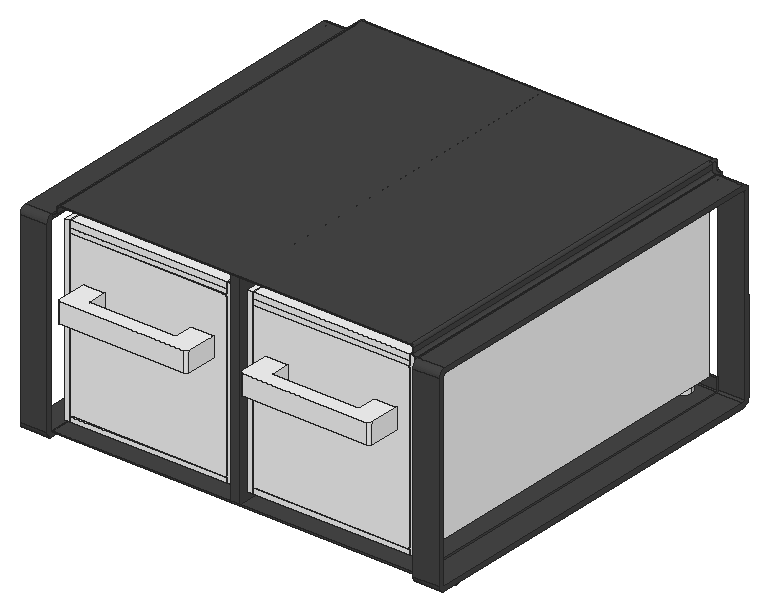
Revit family "QF_Vollrath_SBB23F-06", category Specialty Equipment, Revit 2016
Family settings
  Part Type = Normal
  Round Connector Dimension = Use Diameter
  OmniClass Number = 23.40.40.00
  OmniClass Title = Food Service Equipment and Furnishings
  Work Plane-Based = Yes
  Always vertical = Yes
  Cut with Voids When Loaded = No
  Shared = No
  Room Calculation Point = No
Parameters
  Width = 15 3/4"
  Weight in Pounds = 0
  Watermarked By = ""
  URL Cutsheet = ""
  Specification by User [instance] = ""
  Specification by Manufacturer [instance] = ""
  Serial Number [instance] = ""
  Revision Code [instance] = ""
  NAFEM Spec ID Number [instance] = ""
  Model = "SBB23F-06"
  Masterspec [instance] = ""
  Manufacturer = "Vollrath"
  Item Number [instance] = "-"
  Installed By [instance] = ""
  Height = 7 7/8"
  Furnished By [instance] = ""
  Foodservice Equipment Identifier = yes
  Description = "2/3 Display Bin with 2 Drawers & Black Frame"
  Depth = 14 1/2"
  Default Elevation = 48"
  CSI MasterFormat = ""
Reference planes (in)
  plane 1 "BACK": y = 0
  plane 2 "BOTTOM": z = 0
  plane 3 "LEFT": x = -16.56573
  plane 4 "RIGHT": x = -0.81573
  plane 5 "Front Inner": y = -14.5
  plane 6 "Bottom of Body": z = 0.16
  plane 7 "TOP": z = 8.035
  plane 8: z = 5.305
  plane 9 "Bottom Handle": z = 4.555
  plane 10 "Caster Left": x = -16.06573
  plane 11 "Caster Right": x = -1.31573
  plane 12 "Caster Back": y = -0.75
  plane 13 "Caster Front": y = -13.5
  plane 14 "Center LR": x = -8.69073
  plane 15 "L1": x = -15.56573
  plane 16: x = -1.81573
  plane 17: z = 0.25
  plane 18: x = -12.12823
  plane 19: x = -5.25323
Forms (in)
  Blend 1, solid, material "QF_Plastic-White-Transparent"
    base sketch origin (0, 0, 0) x (1, 0, 0) y (0, 1, 0)
      loop
        circle (-16.06573, -0.75) r 0.35
    top sketch origin (0, 0, 0) x (1, 0, 0) y (0, 1, 0)
      loop
        circle (-16.06573, -0.75) r 0.38
    from 0 to 0.16
  Blend 2, solid, material "QF_Plastic-White-Transparent"
    base sketch origin (0, 0, 0) x (1, 0, 0) y (0, 1, 0)
      loop
        circle (-1.31573, -0.75) r 0.35
    top sketch origin (0, 0, 0) x (1, 0, 0) y (0, 1, 0)
      loop
        circle (-1.31573, -0.75) r 0.38
    from 0 to 0.16
  Blend 3, solid, material "QF_Plastic-White-Transparent"
    base sketch origin (0, 0, 0) x (1, 0, 0) y (0, 1, 0)
      loop
        circle (-16.06573, -13.5) r 0.35
    top sketch origin (0, 0, 0) x (1, 0, 0) y (0, 1, 0)
      loop
        circle (-16.06573, -13.5) r 0.38
    from 0 to 0.16
  Blend 4, solid, material "QF_Plastic-White-Transparent"
    base sketch origin (0, 0, 0) x (1, 0, 0) y (0, 1, 0)
      loop
        circle (-1.31573, -13.5) r 0.35
    top sketch origin (0, 0, 0) x (1, 0, 0) y (0, 1, 0)
      loop
        circle (-1.31573, -13.5) r 0.38
    from 0 to 0.16
  Extrusion 5, solid, material "QF_Steel-Paint Finish-Black"
    sketch origin (-16.56573, 0, 0) x (0, 1, 0) y (0, 0, 1)
      loop
        arc (-0.25, 0.16) -> (-0.07322, 0.23322) -> (0, 0.41) r 0.25
        line (0, 0.41) -> (0, 7.41)
        arc (0, 7.41) -> (-0.07322, 7.58678) -> (-0.25, 7.66) r 0.25
        line (-0.25, 7.66) -> (-14.25, 7.66)
        arc (-14.25, 7.66) -> (-14.42678, 7.58678) -> (-14.5, 7.41) r 0.25
        line (-14.5, 7.41) -> (-14.5, 0.41)
        arc (-14.5, 0.41) -> (-14.42678, 0.23322) -> (-14.25, 0.16) r 0.25
        line (-14.25, 0.16) -> (-0.25, 0.16)
      loop
        arc (-0.17187, 7.41) -> (-0.19476, 7.46524) -> (-0.25, 7.48813) r 0.07813
        line (-0.25, 7.48813) -> (-14.25, 7.48813)
        arc (-14.25, 7.48813) -> (-14.30524, 7.46524) -> (-14.32813, 7.41) r 0.07813
        line (-14.32813, 7.41) -> (-14.32813, 0.41)
        arc (-14.32813, 0.41) -> (-14.30524, 0.35476) -> (-14.25, 0.33187) r 0.07813
        line (-14.25, 0.33187) -> (-0.25, 0.33187)
        arc (-0.25, 0.33187) -> (-0.19476, 0.35476) -> (-0.17187, 0.41) r 0.07813
        line (-0.17187, 0.41) -> (-0.17187, 7.41)
    from 0 to 1
  Extrusion 6, solid, material "QF_Steel-Paint Finish-Black"
    sketch origin (-0.81573, 0, 0) x (0, 1, 0) y (0, 0, 1)
      loop
        line (-14.25, 0.16) -> (-0.25, 0.16)
        arc (-0.25, 0.16) -> (-0.07322, 0.23322) -> (0, 0.41) r 0.25
        line (0, 0.41) -> (0, 7.41)
        arc (0, 7.41) -> (-0.07322, 7.58678) -> (-0.25, 7.66) r 0.25
        line (-0.25, 7.66) -> (-14.25, 7.66)
        arc (-14.25, 7.66) -> (-14.42678, 7.58678) -> (-14.5, 7.41) r 0.25
        line (-14.5, 7.41) -> (-14.5, 0.41)
        arc (-14.5, 0.41) -> (-14.42678, 0.23322) -> (-14.25, 0.16) r 0.25
      loop
        line (-14.25, 0.33187) -> (-0.25, 0.33187)
        arc (-0.25, 0.33187) -> (-0.19476, 0.35476) -> (-0.17188, 0.41) r 0.07813
        line (-0.17188, 0.41) -> (-0.17188, 7.41)
        arc (-0.17188, 7.41) -> (-0.19476, 7.46524) -> (-0.25, 7.48813) r 0.07813
        line (-0.25, 7.48813) -> (-14.25, 7.48813)
        arc (-14.25, 7.48813) -> (-14.30524, 7.46524) -> (-14.32812, 7.41) r 0.07813
        line (-14.32812, 7.41) -> (-14.32812, 0.41)
        arc (-14.32812, 0.41) -> (-14.30524, 0.35476) -> (-14.25, 0.33187) r 0.07813
    from 0 to -1
  Extrusion 7, solid, material "QF_Steel-Paint Finish-Black"
    sketch origin (-15.56573, 0, 0) x (0, 1, 0) y (0, 0, 1)
      loop
        arc (-0.25, 0.33187) -> (-0.19476, 0.35476) -> (-0.17187, 0.41) r 0.07813
        line (-0.17187, 0.41) -> (-0.17187, 0.83187) -> (-0.21187, 0.83187) -> (-0.21187, 0.41)
        arc (-0.21187, 0.41) -> (-0.22304, 0.38304) -> (-0.25, 0.37187) r 0.03813
        line (-0.25, 0.37187) -> (-14.25, 0.37187) -> (-14.25, 0.33187) -> (-0.25, 0.33187)
    from 0 to 13.75
  Extrusion 8, solid, material "QF_Steel-Paint Finish-Black"
    sketch origin (0, 0, 0) x (1, 0, 0) y (0, 0, 1)
      loop
        arc (-15.29573, 8.035) -> (-15.36644, 8.00571) -> (-15.39573, 7.935) r 0.1
        line (-15.39573, 7.935) -> (-15.39573, 7.76)
        arc (-15.39573, 7.76) -> (-15.42501, 7.68929) -> (-15.49573, 7.66) r 0.1
        line (-15.49573, 7.66) -> (-15.56573, 7.66) -> (-15.56573, 7.62) -> (-15.49573, 7.62)
        arc (-15.49573, 7.62) -> (-15.39673, 7.66101) -> (-15.35573, 7.76) r 0.14
        line (-15.35573, 7.76) -> (-15.35573, 7.935)
        arc (-15.35573, 7.935) -> (-15.33815, 7.97743) -> (-15.29573, 7.995) r 0.06
        line (-15.29573, 7.995) -> (-2.08573, 7.995)
        arc (-2.08573, 7.995) -> (-2.0433, 7.97743) -> (-2.02573, 7.935) r 0.06
        line (-2.02573, 7.935) -> (-2.02573, 7.76)
        arc (-2.02573, 7.76) -> (-1.98472, 7.66101) -> (-1.88573, 7.62) r 0.14
        line (-1.88573, 7.62) -> (-1.81573, 7.62) -> (-1.81573, 7.66) -> (-1.88573, 7.66)
        arc (-1.88573, 7.66) -> (-1.95644, 7.68929) -> (-1.98573, 7.76) r 0.1
        line (-1.98573, 7.76) -> (-1.98573, 7.935)
        arc (-1.98573, 7.935) -> (-2.01501, 8.00571) -> (-2.08573, 8.035) r 0.1
        line (-2.08573, 8.035) -> (-15.29573, 8.035)
    from 0.25 to 14.25
  Extrusion 9, solid, material "QF_Steel-Paint Finish-Black"
    sketch origin (-15.56573, 0, 0) x (0, 1, 0) y (0, 0, 1)
      loop
        line (-0.25, 8.035) -> (-0.25, 7.995) -> (-0.04, 7.995) -> (-0.04, 7.535) -> (0, 7.535) -> (0, 7.997)
        arc (0, 7.997) -> (-0.01113, 8.02387) -> (-0.038, 8.035) r 0.038
        line (-0.038, 8.035) -> (-0.25, 8.035)
    from 0 to 13.75
  Extrusion 10, void
    sketch origin (0, 0, 0) x (1, 0, 0) y (0, 0, 1)
      loop
        arc (-15.49573, 7.66) -> (-15.42501, 7.68929) -> (-15.39573, 7.76) r 0.1
        line (-15.39573, 7.76) -> (-15.39573, 7.935)
        arc (-15.39573, 7.935) -> (-15.36644, 8.00571) -> (-15.29573, 8.035) r 0.1
        line (-15.29573, 8.035) -> (-15.56573, 8.035) -> (-15.56573, 7.66) -> (-15.49573, 7.66)
      loop
        line (-1.88573, 7.66) -> (-1.81573, 7.66) -> (-1.81573, 8.035) -> (-2.08573, 8.035)
        arc (-2.08573, 8.035) -> (-2.01501, 8.00571) -> (-1.98573, 7.935) r 0.1
        line (-1.98573, 7.935) -> (-1.98573, 7.76)
        arc (-1.98573, 7.76) -> (-1.95644, 7.68929) -> (-1.88573, 7.66) r 0.1
    from 0 to 1
  Extrusion 11, solid, material "QF_Steel-Paint Finish-Black"
    sketch origin (0, -14.5, 0) x (1, 0, 0) y (0, 0, 1)
      loop
        line (-8.86651, 0.37187) -> (-8.51494, 0.37187) -> (-8.51494, 7.995) -> (-8.86651, 7.995) -> (-8.86651, 0.37187)
    from -0.25 to -14.32813
Cuts and joins
  Extrusion 10 cuts Extrusion 8
  Extrusion 10 cuts Extrusion 9
  joined: Extrusion 8, Extrusion 9
Lines and regions (in)
  symbolic lines
    curve 1: line (-16.56573, 0, 0) -> (-0.81573, 0, 0)
    curve 2: line (-16.56573, -14.5, 0) -> (-16.56573, 0, 0)
    curve 3: line (-0.81573, 0, 0) -> (-0.81573, -14.5, 0)
    curve 6: line (-16.56573, -14.5, 0) -> (-15.56573, -14.5, 0)
    curve 7: line (-0.81573, -14.5, 0) -> (-1.81573, -14.5, 0)
  symbolic lines, style "QF_Details_Surface"
    curve 4: line (-15.56573, -14.5, 0) -> (-15.56573, 0, 0)
    curve 5: line (-1.81573, 0, 0) -> (-1.81573, -14.5, 0)
    curve 8: line (-15.56573, -14.25, 0) -> (-1.81573, -14.25, 0)
Dimensions and locks (in)
  "Width": plane 3 "LEFT" to plane 4 "RIGHT"
  "Depth": plane 5 "Front Inner" to plane 1 "BACK"
  locked: plane 6 "Bottom of Body" to plane 2 "BOTTOM" at 0.16
  "Height": plane 7 "TOP" to plane 6 "Bottom of Body"
  plane 7 "TOP" to plane 8 = 2.73"
  locked: plane 8 to plane 9 "Bottom Handle" at 0.75
  locked: plane 12 "Caster Back" to plane 1 "BACK" at 0.75
  locked: plane 5 "Front Inner" to plane 13 "Caster Front" at 1
  equal spacing: plane 3 "LEFT", plane 14 "Center LR", plane 4 "RIGHT"
  locked: plane 3 "LEFT" to plane 15 "L1" at 1
  locked: plane 16 to plane 4 "RIGHT" at 1
  equal spacing: plane 3 "LEFT", plane 10 "Caster Left", plane 15 "L1"
  equal spacing: plane 16, plane 11 "Caster Right", plane 4 "RIGHT"
  locked: plane 17 to plane 2 "BOTTOM" at 0.25
  equal spacing: plane 15 "L1", plane 18, plane 14 "Center LR"
  equal spacing: plane 14 "Center LR", plane 19, plane 16
  aligned and locked: level to plane 2 "BOTTOM"
  aligned and locked: plane 6 "Bottom of Body" to Blend 1
  aligned and locked: plane 6 "Bottom of Body" to Blend 2
  aligned and locked: plane 6 "Bottom of Body" to Blend 3
  aligned and locked: plane 6 "Bottom of Body" to Blend 4
  aligned and locked: Extrusion 5 sketch curve to plane 5 "Front Inner"
  aligned and locked: Extrusion 5 sketch curve to plane 6 "Bottom of Body"
  aligned and locked: plane 1 "BACK" to Extrusion 5 sketch curve
  aligned and locked: plane 16 to Extrusion 7
  aligned and locked: plane 16 to Extrusion 8 sketch curve
  aligned and locked: plane 15 "L1" to Extrusion 8 sketch curve
  aligned and locked: plane 16 to Extrusion 9
  aligned and locked: curve 4 to Extrusion 5
  aligned and locked: curve 5 to Extrusion 6
  aligned and locked: curve 6 to Extrusion 5
  aligned and locked: curve 7 to Extrusion 6
  aligned and locked: curve 8 to Extrusion 7
  aligned and locked: plane 19 to nested 2
  aligned and locked: Extrusion 11 sketch curve to Extrusion 7
  aligned and locked: plane 18 to nested 1
Automatic sketch dimensions
  Blend 1 sketch curve to plane 10 "Caster Left" = 0"  (x2)
  plane 12 "Caster Back" to Blend 1 sketch curve = 0"  (x2)
  Blend 2 sketch curve to plane 11 "Caster Right" = 0"  (x2)
  plane 12 "Caster Back" to Blend 2 sketch curve = 0"  (x2)
  Blend 3 sketch curve to plane 10 "Caster Left" = 0"  (x2)
  plane 13 "Caster Front" to Blend 3 sketch curve = 0"  (x2)
  Blend 4 sketch curve to plane 11 "Caster Right" = 0"  (x2)
  plane 13 "Caster Front" to Blend 4 sketch curve = 0"  (x2)
  Extrusion 5 sketch curve to plane 5 "Front Inner" = 1/4"  (x2)
  plane 1 "BACK" to Extrusion 5 sketch curve = 1/4"  (x2)
  Extrusion 5 sketch curve to plane 7 "TOP" = 5/8"
  Extrusion 5 sketch curve to Extrusion 5 sketch curve = 0"  (x7)
  Extrusion 5 sketch curve to plane 5 "Front Inner" = 11/64"
  Extrusion 6 sketch curve to Extrusion 6 sketch curve = 0"  (x8)
  Extrusion 6 sketch curve to plane 5 "Front Inner" = 0"
  Extrusion 6 sketch curve to plane 6 "Bottom of Body" = 0"
  Extrusion 6 sketch curve to plane 1 "BACK" = 0"
  Extrusion 6 sketch curve to Extrusion 6 sketch curve = 11/64"
  Extrusion 6 sketch curve to plane 5 "Front Inner" = 1/4"
  Extrusion 6 sketch curve to Extrusion 6 sketch curve = 5/64"  (x2)
  plane 1 "BACK" to Extrusion 6 sketch curve = 1/4"
  Extrusion 6 sketch curve to plane 7 "TOP" = 5/8"
  Extrusion 7 sketch curve to Extrusion 7 sketch curve = 0"  (x2)
  plane 1 "BACK" to Extrusion 7 sketch curve = 1/4"
  plane 1 "BACK" to Extrusion 7 sketch curve = 0.21187"
  Extrusion 7 sketch curve to Extrusion 7 sketch curve = 0.04"
  plane 17 to Extrusion 7 sketch curve = 0.08188"
  Extrusion 7 sketch curve to Extrusion 7 sketch curve = 27/64"
  Extrusion 7 sketch curve to plane 5 "Front Inner" = 1/4"
  Extrusion 8 sketch curve to Extrusion 8 sketch curve = 0"  (x8)
  Extrusion 8 sketch curve to plane 7 "TOP" = 0"
  plane 15 "L1" to Extrusion 8 sketch curve = 0.07"
  Extrusion 8 sketch curve to Extrusion 8 sketch curve = 0.1"
  Extrusion 8 sketch curve to Extrusion 8 sketch curve = 0.04"
  Extrusion 8 sketch curve to Extrusion 8 sketch curve = 0.06"  (x2)
  Extrusion 8 sketch curve to plane 16 = 0.27"
  Extrusion 8 sketch curve to plane 16 = 0.07"
  Extrusion 8 sketch curve to Extrusion 8 sketch curve = 0.175"  (x2)
  Extrusion 9 sketch curve to plane 7 "TOP" = 0"
  Extrusion 9 sketch curve to plane 1 "BACK" = 0"
  plane 1 "BACK" to Extrusion 9 sketch curve = 0.038"
  Extrusion 9 sketch curve to Extrusion 9 sketch curve = 0.002"  (x2)
  Extrusion 9 sketch curve to Extrusion 9 sketch curve = 0.46"
  Extrusion 9 sketch curve to Extrusion 9 sketch curve = 0.212"
  Extrusion 10 sketch curve to plane 15 "L1" = 0"
  Extrusion 10 sketch curve to plane 7 "TOP" = 0"  (x3)
  Extrusion 10 sketch curve to plane 16 = 0"
  plane 15 "L1" to Extrusion 10 sketch curve = 0.07"
  Extrusion 10 sketch curve to plane 7 "TOP" = 0.1"  (x2)
  plane 15 "L1" to Extrusion 10 sketch curve = 0.17"
  Extrusion 10 sketch curve to plane 16 = 0.27"
  Extrusion 10 sketch curve to plane 16 = 0.07"
  Extrusion 10 sketch curve to Extrusion 10 sketch curve = 0.175"  (x2)
  Extrusion 10 sketch curve to Extrusion 10 sketch curve = 0"
  plane 1 "BACK" to curve 1 = 0"
  curve 1 to plane 3 "LEFT" = 0"
  curve 3 to plane 4 "RIGHT" = 0"
  Extrusion 11 sketch curve to plane 14 "Center LR" = 45/256"
  plane 14 "Center LR" to Extrusion 11 sketch curve = 45/256"
  Extrusion 11 sketch curve to plane 7 "TOP" = 0.04"
  radius of Blend 1 sketch curve = 0.35"
  radius of Blend 1 sketch curve = 0.38"
  radius of Blend 2 sketch curve = 0.35"
  radius of Blend 2 sketch curve = 0.38"
  radius of Blend 3 sketch curve = 0.35"
  radius of Blend 3 sketch curve = 0.38"
  radius of Blend 4 sketch curve = 0.35"
  radius of Blend 4 sketch curve = 0.38"
Nested families (in)
  nested 1: "QF_Vollrath_SSB13F-06_Case" at (1.3125, -0.20813, 0.37187), type "QF_Vollrath_SSB13F-06_Case"
    with Width 6 1/4", Specification by User "", Specification by Manufacturer "", Serial Number "", Revision Code "", NAFEM Spec ID Number "", Masterspec "", Item Number "-", Installed By "", Height 6.78", Furnished By "", Depth 13.82"
  nested 2: "QF_Vollrath_SSB13F-06_Case" at (8.1875, -0.20781, 0.37187), type "QF_Vollrath_SSB13F-06_Case"
    with Width 6 1/4", Specification by User "", Specification by Manufacturer "", Serial Number "", Revision Code "", NAFEM Spec ID Number "", Masterspec "", Item Number "-", Installed By "", Height 6 25/32", Furnished By "", Depth 13 105/128"
Definition of nested family "QF_Vollrath_SSB13F-06_Case"
  Parameters
    Width [instance] = 6 3/8"
    Weight in Pounds = 0
    Watermarked By = ""
    URL Cutsheet = ""
    Specification by User [instance] = ""
    Specification by Manufacturer [instance] = ""
    Serial Number [instance] = ""
    Revision Code [instance] = ""
    NAFEM Spec ID Number [instance] = ""
    Model = ""
    Masterspec [instance] = ""
    Manufacturer = ""
    Item Number [instance] = "-"
    Installed By [instance] = ""
    Height [instance] = 6.91"
    Furnished By [instance] = ""
    Foodservice Equipment Identifier = yes
    Description = ""
    Depth [instance] = 14"
    Default Elevation = 48"
    CSI MasterFormat = ""
  Reference planes (in)
    plane 1 "BACK": y = 0
    plane 2 "BOTTOM": z = 0
    plane 3 "LEFT": x = -16.56573
    plane 4 "RIGHT": x = -10.19073
    plane 5 "Front Inner": y = -14
    plane 6 "FRONT": y = -15.2462
    plane 7 "Bottom of Body": z = 0.38
    plane 8 "TOP": z = 7.29
    plane 9: z = 5.305
    plane 10 "Bottom Handle": z = 4.555
    plane 11 "Caster Left": x = -16.00573
    plane 12 "Caster Right": x = -10.75073
    plane 13 "Caster Back": y = -0.56
    plane 14 "Caster Front": y = -13
    plane 15 "Center LR": x = -13.37823
    plane 16: x = -15.81573
    plane 17: x = -10.94073
    plane 18: x = -15.00573
    plane 19: x = -11.75073
    plane 20: y = -7
  Forms (in)
    Extrusion 1, solid
      sketch origin (0, 0, 0) x (1, 0, 0) y (0, 0, 1)
        loop
          line (-16.56573, 7.29) -> (-16.56573, 0.38) -> (-16.39573, 0.38) -> (-16.39573, 7.29) -> (-16.56573, 7.29)
      from 0 to 14
    Extrusion 2, solid
      sketch origin (0, 0, 0) x (1, 0, 0) y (0, 0, 1)
        loop
          line (-10.19073, 7.29) -> (-10.36073, 7.29) -> (-10.36073, 0.38) -> (-10.19073, 0.38) -> (-10.19073, 7.29)
      from 0 to 14
    Extrusion 3, solid
      sketch origin (0, 0, 0) x (1, 0, 0) y (0, 0, 1)
        loop
          line (-16.39573, 0.38) -> (-10.36073, 0.38) -> (-10.36073, 0.55) -> (-16.39573, 0.55) -> (-16.39573, 0.38)
      from 0 to 14
    Extrusion 4, solid
      sketch origin (0, 0, 0) x (1, 0, 0) y (0, 0, 1)
        loop
          line (-16.39573, 7.29) -> (-16.39573, 7.04) -> (-10.36073, 7.04) -> (-10.36073, 7.29) -> (-16.39573, 7.29)
      from 0 to 14
    Extrusion 5, solid
      sketch origin (0, 0, 0) x (1, 0, 0) y (0, 0, 1)
        loop
          line (-16.39573, 7.04) -> (-16.39573, 6.87) -> (-10.36073, 6.87) -> (-10.36073, 7.04) -> (-16.39573, 7.04)
      from 0 to 14
    Extrusion 6, solid
      sketch origin (0, 0, 0) x (1, 0, 0) y (0, 0, 1)
        loop
          line (-10.36073, 6.87) -> (-16.39573, 6.87) -> (-16.39573, 0.55) -> (-10.36073, 0.55) -> (-10.36073, 6.87)
      from 0 to 0.17
    Extrusion 7, solid
      sketch origin (0, -14, 0) x (1, 0, 0) y (0, 0, 1)
        loop
          arc (-10.42073, 0.58) -> (-10.39951, 0.58879) -> (-10.39073, 0.61) r 0.03
          line (-10.39073, 0.61) -> (-10.39073, 6.81)
          arc (-10.39073, 6.81) -> (-10.39951, 6.83121) -> (-10.42073, 6.84) r 0.03
          line (-10.42073, 6.84) -> (-16.33573, 6.84)
          arc (-16.33573, 6.84) -> (-16.35694, 6.83121) -> (-16.36573, 6.81) r 0.03
          line (-16.36573, 6.81) -> (-16.36573, 0.61)
          arc (-16.36573, 0.61) -> (-16.35694, 0.58879) -> (-16.33573, 0.58) r 0.03
          line (-16.33573, 0.58) -> (-10.42073, 0.58)
      from 0 to -0.17
    Extrusion 8, solid
      sketch origin (0, -14, 0) x (1, 0, 0) y (0, 0, 1)
        loop
          line (-16.36573, 4.175) -> (-16.36573, 0.61)
          arc (-16.36573, 0.61) -> (-16.35694, 0.58879) -> (-16.33573, 0.58) r 0.03
          line (-16.33573, 0.58) -> (-10.42073, 0.58)
          arc (-10.42073, 0.58) -> (-10.39951, 0.58879) -> (-10.39073, 0.61) r 0.03
          line (-10.39073, 0.61) -> (-10.39073, 4.175) -> (-10.56073, 4.175) -> (-10.56073, 0.75) -> (-16.19573, 0.75) -> (-16.19573, 4.175) -> (-16.36573, 4.175)
      from -0.17 to -13.44
    Extrusion 9, solid
      sketch origin (0, -0.56, 0) x (1, 0, 0) y (0, 0, 1)
        loop
          line (-10.39073, 4.555) -> (-16.36573, 4.555) -> (-16.36573, 0.61)
          arc (-16.36573, 0.61) -> (-16.35694, 0.58879) -> (-16.33573, 0.58) r 0.03
          line (-16.33573, 0.58) -> (-10.42073, 0.58)
          arc (-10.42073, 0.58) -> (-10.39951, 0.58879) -> (-10.39073, 0.61) r 0.03
          line (-10.39073, 0.61) -> (-10.39073, 4.555)
      from 0 to -0.17
    Extrusion 10, solid
      sketch origin (0, 0, 4.555) x (0, 1, 0) y (-1, 0, 0)
        loop
          line (-14, 15.81573) -> (-15.1462, 15.81573)
          arc (-15.1462, 15.81573) -> (-15.21691, 15.78644) -> (-15.2462, 15.71573) r 0.1
          line (-15.2462, 15.71573) -> (-15.2462, 11.04073)
          arc (-15.2462, 11.04073) -> (-15.21691, 10.97001) -> (-15.1462, 10.94073) r 0.1
          line (-15.1462, 10.94073) -> (-14, 10.94073) -> (-14, 11.75073) -> (-14.6862, 11.75073)
          arc (-14.6862, 11.75073) -> (-14.72156, 11.76537) -> (-14.7362, 11.80073) r 0.05
          line (-14.7362, 11.80073) -> (-14.7362, 14.95573)
          arc (-14.7362, 14.95573) -> (-14.72156, 14.99108) -> (-14.6862, 15.00573) r 0.05
          line (-14.6862, 15.00573) -> (-14, 15.00573) -> (-14, 15.81573)
      from 0 to 0.75
    Blend 11, solid
      base sketch origin (0, 0, 0) x (1, 0, 0) y (0, 1, 0)
        loop
          circle (-16.00573, -0.56) r 0.35
      top sketch origin (0, 0, 0) x (1, 0, 0) y (0, 1, 0)
        loop
          circle (-16.00573, -0.56) r 0.38
      from 0 to 0.38
    Blend 12, solid
      base sketch origin (0, 0, 0) x (1, 0, 0) y (0, 1, 0)
        loop
          circle (-10.75073, -0.56) r 0.35
      top sketch origin (0, 0, 0) x (1, 0, 0) y (0, 1, 0)
        loop
          circle (-10.75073, -0.56) r 0.38
      from 0 to 0.38
    Blend 13, solid
      base sketch origin (0, 0, 0) x (1, 0, 0) y (0, 1, 0)
        loop
          circle (-16.00573, -13) r 0.35
      top sketch origin (0, 0, 0) x (1, 0, 0) y (0, 1, 0)
        loop
          circle (-16.00573, -13) r 0.38
      from 0 to 0.38
    Blend 14, solid
      base sketch origin (0, 0, 0) x (1, 0, 0) y (0, 1, 0)
        loop
          circle (-10.75073, -13) r 0.35
      top sketch origin (0, 0, 0) x (1, 0, 0) y (0, 1, 0)
        loop
          circle (-10.75073, -13) r 0.38
      from 0 to 0.38
  Lines and regions (in)
    symbolic lines
      curve 1: line (-16.56573, 0, 0) -> (-10.19073, 0, 0)
      curve 2: line (-16.56573, -14, 0) -> (-16.56573, 0, 0)
      curve 3: line (-10.19073, -14, 0) -> (-16.56573, -14, 0)
      curve 4: line (-10.19073, 0, 0) -> (-10.19073, -14, 0)
      curve 5: line (-15.71573, -15.2462, 0) -> (-11.04073, -15.2462, 0)
      curve 6: line (-11.80073, -14.7362, 0) -> (-14.95573, -14.7362, 0)
      curve 7: line (-15.00573, -14.6862, 0) -> (-15.00573, -14, 0)
      curve 8: arc (-14.95573, -14.7362, 0) -> (-14.99108, -14.72156, 0) -> (-15.00573, -14.6862, 0) r 0.05
      curve 9: arc (-11.75073, -14.6862, 0) -> (-11.76537, -14.72156, 0) -> (-11.80073, -14.7362, 0) r 0.05
      curve 10: line (-11.75073, -14, 0) -> (-11.75073, -14.6862, 0)
      curve 11: arc (-15.81573, -15.1462, 0) -> (-15.78644, -15.21691, 0) -> (-15.71573, -15.2462, 0) r 0.1
      curve 12: line (-15.81573, -14, 0) -> (-15.81573, -15.1462, 0)
      curve 13: line (-10.94073, -15.1462, 0) -> (-10.94073, -14, 0)
      curve 14: arc (-11.04073, -15.2462, 0) -> (-10.97001, -15.21691, 0) -> (-10.94073, -15.1462, 0) r 0.1
  Dimensions and locks (in)
    "Width": plane 3 "LEFT" to plane 4 "RIGHT"
    "Depth": plane 5 "Front Inner" to plane 1 "BACK"
    locked: plane 6 "FRONT" to plane 5 "Front Inner" at 1.2462
    locked: plane 7 "Bottom of Body" to plane 2 "BOTTOM" at 0.38
    "Height": plane 8 "TOP" to plane 7 "Bottom of Body"
    plane 8 "TOP" to plane 9 = 1.985"
    locked: plane 9 to plane 10 "Bottom Handle" at 0.75
    locked: plane 3 "LEFT" to plane 11 "Caster Left" at 0.56
    locked: plane 12 "Caster Right" to plane 4 "RIGHT" at 0.56
    locked: plane 13 "Caster Back" to plane 1 "BACK" at 0.56
    locked: plane 5 "Front Inner" to plane 14 "Caster Front" at 1
    locked: plane 3 "LEFT" to Extrusion 1 sketch curve at 0.17
    locked: Extrusion 2 sketch curve to plane 4 "RIGHT" at 0.17
    locked: Extrusion 3 sketch curve to plane 7 "Bottom of Body" at 0.17
    locked: plane 8 "TOP" to Extrusion 5 sketch curve at 0.42
    locked: plane 8 "TOP" to Extrusion 5 sketch curve at 0.25
    equal spacing: plane 3 "LEFT", plane 15 "Center LR", plane 4 "RIGHT"
    locked: plane 16 to plane 18 at 0.81
    locked: plane 19 to plane 17 at 0.81
    equal spacing: plane 16, plane 15 "Center LR", plane 17
    locked: plane 16 to plane 17 at 4.875
    equal spacing: plane 5 "Front Inner", plane 20, plane 1 "BACK"
    aligned and locked: level to plane 2 "BOTTOM"
    aligned and locked: Extrusion 1 sketch curve to plane 3 "LEFT"
    aligned and locked: plane 8 "TOP" to Extrusion 1 sketch curve
    aligned and locked: Extrusion 1 sketch curve to plane 7 "Bottom of Body"
    aligned and locked: Extrusion 2 sketch curve to plane 4 "RIGHT"
    aligned and locked: Extrusion 2 sketch curve to plane 7 "Bottom of Body"
    aligned and locked: plane 8 "TOP" to Extrusion 2 sketch curve
    aligned and locked: plane 5 "Front Inner" to Extrusion 1
    aligned and locked: plane 5 "Front Inner" to Extrusion 2
    aligned and locked: Extrusion 3 sketch curve to plane 7 "Bottom of Body"
    aligned and locked: Extrusion 3 sketch curve to Extrusion 1
    aligned and locked: Extrusion 3 sketch curve to Extrusion 2
    aligned and locked: Extrusion 4 sketch curve to plane 8 "TOP"
    aligned and locked: Extrusion 1 to Extrusion 4 sketch curve
    aligned and locked: Extrusion 4 sketch curve to Extrusion 2
    aligned and locked: Extrusion 1 to Extrusion 5 sketch curve
    aligned and locked: Extrusion 5 sketch curve to Extrusion 2
    aligned and locked: plane 5 "Front Inner" to Extrusion 4
    aligned and locked: plane 5 "Front Inner" to Extrusion 5
    aligned and locked: plane 5 "Front Inner" to Extrusion 3
    aligned and locked: Extrusion 6 sketch curve to Extrusion 5  (x2)
    aligned and locked: Extrusion 6 sketch curve to Extrusion 3  (x2)
    aligned and locked: Extrusion 9 sketch curve to plane 10 "Bottom Handle"
    aligned and locked: plane 5 "Front Inner" to Extrusion 10 sketch curve  (x2)
    aligned and locked: Extrusion 10 sketch curve to plane 6 "FRONT"
    aligned and locked: plane 9 to Extrusion 10
    aligned and locked: plane 7 "Bottom of Body" to Blend 11
    aligned and locked: plane 7 "Bottom of Body" to Blend 12
    aligned and locked: plane 7 "Bottom of Body" to Blend 13
    aligned and locked: plane 7 "Bottom of Body" to Blend 14
    aligned and locked: curve 1 to Extrusion 1
    aligned and locked: curve 2 to Extrusion 1
    aligned and locked: curve 3 to Extrusion 2
    aligned and locked: curve 4 to Extrusion 2
    aligned and locked: Extrusion 10 to curve 5
    aligned and locked: curve 6 to Extrusion 10
    aligned and locked: curve 7 to Extrusion 10
    aligned and locked: curve 10 to Extrusion 10
    aligned and locked: Extrusion 10 sketch curve to plane 16
    aligned and locked: Extrusion 10 sketch curve to plane 18
    aligned and locked: Extrusion 10 sketch curve to plane 17
    aligned and locked: Extrusion 10 sketch curve to plane 19
  Automatic sketch dimensions
    Extrusion 4 sketch curve to Extrusion 4 sketch curve = 1/4"
    plane 3 "LEFT" to Extrusion 7 sketch curve = 0.2"
    Extrusion 7 sketch curve to Extrusion 7 sketch curve = 0.03"  (x3)
    Extrusion 7 sketch curve to plane 4 "RIGHT" = 0.23"  (x2)
    plane 7 "Bottom of Body" to Extrusion 7 sketch curve = 0.2"
    Extrusion 7 sketch curve to plane 8 "TOP" = 0.48"
    plane 3 "LEFT" to Extrusion 8 sketch curve = 0.2"
    Extrusion 8 sketch curve to Extrusion 8 sketch curve = 0.03"  (x2)
    Extrusion 8 sketch curve to plane 11 "Caster Left" = 0.19"
    plane 12 "Caster Right" to Extrusion 8 sketch curve = 0.19"
    Extrusion 8 sketch curve to Extrusion 8 sketch curve = 0.14"  (x2)
    plane 7 "Bottom of Body" to Extrusion 8 sketch curve = 0.2"
    Extrusion 8 sketch curve to plane 10 "Bottom Handle" = 0.38"  (x2)
    plane 3 "LEFT" to Extrusion 9 sketch curve = 0.2"
    Extrusion 9 sketch curve to plane 4 "RIGHT" = 0.2"
    plane 7 "Bottom of Body" to Extrusion 9 sketch curve = 0.23"
    Extrusion 9 sketch curve to Extrusion 9 sketch curve = 0.03"  (x2)
    Extrusion 10 sketch curve to plane 6 "FRONT" = 0.1"  (x2)
    Extrusion 10 sketch curve to plane 6 "FRONT" = 0.51"
    Extrusion 10 sketch curve to Extrusion 10 sketch curve = 0.05"  (x2)
    Blend 11 sketch curve to plane 11 "Caster Left" = 0"  (x2)
    plane 13 "Caster Back" to Blend 11 sketch curve = 0"  (x2)
    Blend 12 sketch curve to plane 12 "Caster Right" = 0"  (x2)
    plane 13 "Caster Back" to Blend 12 sketch curve = 0"  (x2)
    Blend 13 sketch curve to plane 11 "Caster Left" = 0"  (x2)
    plane 14 "Caster Front" to Blend 13 sketch curve = 0"  (x2)
    Blend 14 sketch curve to plane 12 "Caster Right" = 0"  (x2)
    plane 14 "Caster Front" to Blend 14 sketch curve = 0"  (x2)
    curve 12 to curve 5 = 0.1"
    curve 6 to curve 10 = 0.05"
    curve 5 to curve 14 = 0.1"
    curve 6 to curve 8 = 0.05"
    curve 12 to plane 16 = 0"
    curve 13 to plane 17 = 0"
    radius of Blend 11 sketch curve = 0.35"
    radius of Blend 11 sketch curve = 0.38"
    radius of Blend 12 sketch curve = 0.35"
    radius of Blend 12 sketch curve = 0.38"
    radius of Blend 13 sketch curve = 0.35"
    radius of Blend 13 sketch curve = 0.38"
    radius of Blend 14 sketch curve = 0.35"
    radius of Blend 14 sketch curve = 0.38"
